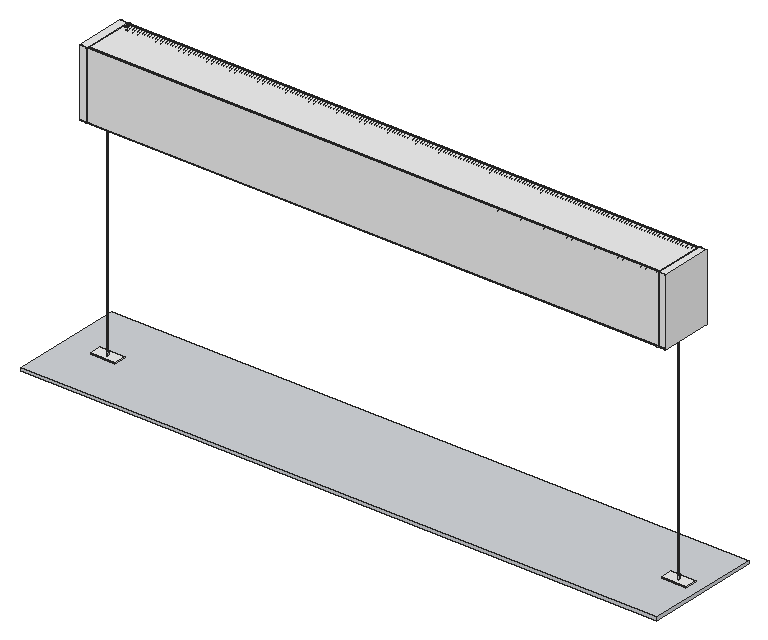
Revit family
Parameters (values of type "BBILED-950-80-35-C-4")
  With Multiple Lamps = Fixture Length > 108"  # no
  With Additional Lamp = and(Fixture Length < 120", Fixture Length > 48")  # no
  Wattage = 36.5385 W
  built-in parameter 1150110 = 1 (stored number, unit not read)
  Voltage = 120 V
  URL = "http://www.axislighting.com/CMS/itemsDetail_beam4LED.php?205"
  built-in parameter 1114217 = 1 (stored number, unit not read)
  Total Lamp Wattage = Lamp Wattage * Number of Lamps  # 28.4 VA
  Tilt Angle = 90.00°
  built-in parameter 1150109 = 1 (stored number, unit not read)
  built-in parameter 1150134 = (empty or 0)
  Suspension Length [instance] = 18"
  Suspension Finish = Steel - Axis - White
  built-in parameter 1150113 = 1 (stored number, unit not read)
  Reflector Finish = Steel - Axis - White Powder Coated
  Product Order Length = 48"
  Product ID = "BBILED"
  Photometric Web File = "BBILED-B3-MF-950-80-35-C.ies"
  Other = ""
  Optics Length = Fixture Length - 1 1/4"  # 46 3/4"
  Number of Lamps = Product Order Length / 12"  # 4
  Mounting Configuration = if(Product Order Length < 156", 2, if(Product Order Length < 300", 3, if(Product Order Length < 444", 4, if(Product Order Length < 564", 5, if(Product Order Length < 708", 6, if(Product Order Length < 852", 7, if(Product Order Length < 972", 8, if(Product Order Length = 1296", 11, if(Product Order Length = 1680", 13, if(Product Order Length = 1776", 14, if(Product Order Length = 1848", 15, if(Product Order Length = 1872", 15, if(Product Order Length = 1896", 15, 2)))))))))))))  # 2
  Model = "BEAM4 LED Pendant Mount - Indirect"
  Manufacturer = "Axis Lighting"
  built-in parameter 1150105 = 302.39 (stored number, unit not read)
  Lumens = 3800 lm
  built-in parameter 1150115 = 1 (stored number, unit not read)
  built-in parameter 1150137 = (empty or 0)
  built-in parameter 1150139 = (empty or 0)
  Lens Length = if(Fixture Length > 108", (Fixture Length - (2 * End Cap Length)) / Lamp Configuration, Fixture Length - (2 * End Cap Length))  # 46 3/4"
  Lens Finish = Acrylic - Axis - Clear
  Lamp Wattage = 7.1 VA
  built-in parameter 1150112 = 1 (stored number, unit not read)
  Lamp Multiplier = if(Fixture Length > 108", (Fixture Length / 48") - 1, 2)  # 2
  built-in parameter 1150114 = 1 (stored number, unit not read)
  Lamp Distance = Lens Length  # 46 3/4"
  Lamp Configuration = if(Product Order Length > 96", Product Order Length / 48", 2)  # 2
  Lamp = "LED"
  Keynote = "16510"
  built-in parameter 1150132 = 2
  built-in parameter 1150102 = (empty or 0)
  built-in parameter 1150107 = 3500 (stored number, unit not read)
  built-in parameter 1150138 = (empty or 0)
  built-in parameter 1150106 = 3.0239 (stored number, unit not read)
  IC Controls = ""
  Housing Finish = Aluminum - Axis - White
  Fixture Width = 4 5/32"  # constant formula
  Fixture Length = Product Order Length  # 48"
  Fixture Depth = 5 1/2"  # constant formula
  End Cap Length = 5/8"  # constant formula
  Emit from Line Length = Lamp Distance  # 46 3/4"
  built-in parameter 1150104 = 9.6619 (stored number, unit not read)
  Dimming Lamp Color Temperature Shift = (empty or 0)
  Description = "LED Pendant Mount Indrect Lighting Fixture with Clear Lens"
  Default Elevation = 48"
  Custom = ""
  Color Filter = 16777215
  Circuit = 1
  built-in parameter 1114218 = 1 (stored number, unit not read)
  built-in parameter 1150133 = 10 (stored number, unit not read)
  Assembly Code = "D5020200"
  Apparent Load = Total Lamp Wattage  # 28.4 VA
Types (5): name | With Additional Lamp | Wattage | Total Lamp Wattage | Product Order Length | Optics Length | Number of Lamps | built-in parameter 1150105 | Lumens | Lens Length | Lamp Distance | built-in parameter 1150106 | Fixture Length | Emit from Line Length | Apparent Load
  (no name) | no | 36.5385 W | 28.4 VA | 48" | 46 3/4" | 4 | 302.39 (stored number, unit not read) | 3800 lm | 46 3/4" | 46 3/4" | 3.0239 (stored number, unit not read) | 48" | 46 3/4" | 28.4 VA
  BBILED-950-80-35-C-4 | no | 36.5385 W | 28.4 VA | 48" | 46 3/4" | 4 | 302.39 (stored number, unit not read) | 3800 lm | 46 3/4" | 46 3/4" | 3.0239 (stored number, unit not read) | 48" | 46 3/4" | 28.4 VA
  BBILED-950-80-35-C-2 | no | 18.2692 W | 14.2 VA | 24" | 22 3/4" | 2 | 151.2 (stored number, unit not read) | 1900 lm | 22 3/4" | 22 3/4" | 1.512 (stored number, unit not read) | 24" | 22 3/4" | 14.2 VA
  BBILED-950-80-35-C-3 | no | 27.4038 W | 21.3 VA | 36" | 34 3/4" | 3 | 226.8 (stored number, unit not read) | 2850 lm | 34 3/4" | 34 3/4" | 2.268 (stored number, unit not read) | 36" | 34 3/4" | 21.3 VA
  BBILED-950-80-35-C-5 | yes | 45.6731 W | 35.5 VA | 60" | 58 3/4" | 5 | 377.99 (stored number, unit not read) | 4750 lm | 58 3/4" | 58 3/4" | 3.7799 (stored number, unit not read) | 60" | 58 3/4" | 35.5 VA
Reference planes (in)
  plane 1 "Center (Front/Back)": y = 0
  plane 2: z = 0
  plane 3 "Center (Left/Right)": x = 0
  plane 4: x = -24
  plane 5: x = 24
  plane 6: x = -23.375
  plane 7: x = 23.375
  plane 8: z = 18
  plane 9: y = -2.07813
  plane 10: y = 2.07812
  plane 11: z = 23.5
  plane 12: z = 20.84375
  plane 13: z = 18.7
  plane 14: x = -23.375
  plane 15: x = 23.375
  plane 16: x = 0
  plane 17: x = 70.125
  plane 18: x = 46.75
  plane 19: x = -23.375
  plane 20: x = 23.375
  plane 21: x = 0
Forms (in)
  Extrusion 1, solid
    sketch origin (0, 0, 0) x (1, 0, 0) y (0, 1, 0)
      loop
        line (-26.75, 4.70508) -> (-26.75, -4.70508) -> (25.31417, -4.70508) -> (25.31417, 4.70508) -> (-26.75, 4.70508)
    from 0 to -0.25
  Extrusion 2, solid, material "Aluminum - Axis - White" <- "Housing Finish"
    sketch origin (0, 0, 0) x (0, 1, 0) y (0, 0, 1)
      loop
        line (2.04687, 23.5) -> (-2.04688, 23.5)
        arc (-2.04688, 23.5) -> (-2.06897, 23.49085) -> (-2.07813, 23.46875) r 0.03125
        line (-2.07813, 23.46875) -> (-2.07813, 18.03125)
        arc (-2.07813, 18.03125) -> (-2.06897, 18.00915) -> (-2.04688, 18) r 0.03125
        line (-2.04688, 18) -> (2.04687, 18)
        arc (2.04687, 18) -> (2.06897, 18.00915) -> (2.07812, 18.03125) r 0.03125
        line (2.07812, 18.03125) -> (2.07812, 23.46875)
        arc (2.07812, 23.46875) -> (2.06897, 23.49085) -> (2.04687, 23.5) r 0.03125
    from -24 to -23.375
  Extrusion 3, solid, material "Aluminum - Axis - White" <- "Housing Finish"
    sketch origin (0, 0, 0) x (0, 1, 0) y (0, 0, 1)
      loop
        line (2.04687, 23.5) -> (-2.04688, 23.5)
        arc (-2.04688, 23.5) -> (-2.06897, 23.49085) -> (-2.07813, 23.46875) r 0.03125
        line (-2.07813, 23.46875) -> (-2.07813, 18.03125)
        arc (-2.07813, 18.03125) -> (-2.06897, 18.00915) -> (-2.04688, 18) r 0.03125
        line (-2.04688, 18) -> (2.04687, 18)
        arc (2.04687, 18) -> (2.06897, 18.00915) -> (2.07812, 18.03125) r 0.03125
        line (2.07812, 18.03125) -> (2.07812, 23.46875)
        arc (2.07812, 23.46875) -> (2.06897, 23.49085) -> (2.04687, 23.5) r 0.03125
    from 23.375 to 24
  Extrusion 4, solid, material "Acrylic - Axis - Clear" <- "Lens Finish"
    sketch origin (0, 0, 0) x (0, 1, 0) y (0, 0, 1)
      loop
        line (1.96562, 18.05) -> (-1.96563, 18.05) -> (-1.96563, 18) -> (1.96562, 18) -> (1.96562, 18.05)
    from -23.375 to 23.375
  Sweep 5, solid, material "Steel - Axis - White Powder Coated" <- "Reflector Finish"
    path origin (0, 0, 0) x (1, 0, 0) y (0, 1, 0)
      loop
        line (23.375, 0) -> (-23.375, 0)
    profile "BBILED-Profile-Reflector : BBILED-Profile-Reflector" origin (0, 0, 0) x (0, -1, 0) y (0, 0, 1)
      loop
        line (0.96476, 18.81524) -> (1.77203, 18.32275) -> (1.78831, 18.34943) -> (0.97354, 18.84649) -> (-0.97354, 18.84649) -> (-1.78831, 18.34943) -> (-1.77203, 18.32275) -> (-0.96476, 18.81524) -> (0.96476, 18.81524)
  Sweep 6, solid, material "Aluminum - Axis - White" <- "Housing Finish"
    path origin (0, 0, 0) x (1, 0, 0) y (0, 1, 0)
      loop
        line (23.375, 0) -> (-23.375, 0)
    profile "BBILED-Profile-Lens : BBILED-Profile-Lens" origin (0, 0, 0) x (0, -1, 0) y (0, 0, 1)
      loop
        line (-1.79405, 23.43) -> (1.79405, 23.43)
        arc (1.79405, 23.43) -> (1.81337, 23.41518) -> (1.80405, 23.39268) r 0.02
        line (1.80405, 23.39268) -> (1.74405, 23.35804)
        arc (1.74405, 23.35804) -> (1.73673, 23.33072) -> (1.76405, 23.3234) r 0.02
        line (1.76405, 23.3234) -> (1.83782, 23.36599) -> (1.86011, 23.30536)
        arc (1.86011, 23.30536) -> (1.85982, 23.21545) -> (1.80089, 23.14755) r 0.12908
        arc (1.80089, 23.14755) -> (1.79294, 23.1204) -> (1.82008, 23.11245) r 0.02
        arc (1.82008, 23.11245) -> (1.89727, 23.2014) -> (1.89766, 23.31916) r 0.16908
        line (1.89766, 23.31916) -> (1.86558, 23.40637)
        arc (1.86558, 23.40637) -> (1.86854, 23.42931) -> (1.88905, 23.44) r 0.025
        line (1.88905, 23.44) -> (1.93835, 23.44) -> (1.96019, 23.5) -> (-1.96019, 23.5) -> (-1.93835, 23.44) -> (-1.88905, 23.44)
        arc (-1.88905, 23.44) -> (-1.86854, 23.42931) -> (-1.86558, 23.40637) r 0.025
        line (-1.86558, 23.40637) -> (-1.89766, 23.31916)
        arc (-1.89766, 23.31916) -> (-1.89727, 23.2014) -> (-1.82008, 23.11245) r 0.16908
        arc (-1.82008, 23.11245) -> (-1.79294, 23.1204) -> (-1.80089, 23.14755) r 0.02
        arc (-1.80089, 23.14755) -> (-1.85982, 23.21545) -> (-1.86011, 23.30536) r 0.12908
        line (-1.86011, 23.30536) -> (-1.83782, 23.36599) -> (-1.76405, 23.3234)
        arc (-1.76405, 23.3234) -> (-1.73673, 23.33072) -> (-1.74405, 23.35804) r 0.02
        line (-1.74405, 23.35804) -> (-1.80405, 23.39268)
        arc (-1.80405, 23.39268) -> (-1.81337, 23.41518) -> (-1.79405, 23.43) r 0.02
  Sweep 7, solid, material "Aluminum - Axis - White" <- "Housing Finish"
    path origin (0, 0, 0) x (1, 0, 0) y (0, 1, 0)
      loop
        line (23.375, 0) -> (-23.375, 0)
    profile "BBILED-Profile-Housing : BBILED-Profile-Housing" origin (0, 0, 0) x (0, -1, 0) y (0, 0, 1)
      loop
        line (-2.07812, 23.46875) -> (-2.07812, 18.03125)
        arc (-2.07812, 18.03125) -> (-2.06897, 18.00915) -> (-2.04687, 18) r 0.03125
        line (-2.04687, 18) -> (-1.98812, 18) -> (-1.98812, 18.0857) -> (-1.94473, 18.0857) -> (-1.92694, 18.04378) -> (-1.89012, 18.0594) -> (-1.92781, 18.1482) -> (-2.00312, 18.1482) -> (-2.00312, 23.365)
        arc (-2.00312, 23.365) -> (-1.99727, 23.37914) -> (-1.98312, 23.385) r 0.02
        line (-1.98312, 23.385) -> (-1.88312, 23.385)
        arc (-1.88312, 23.385) -> (-1.87013, 23.3925) -> (-1.87013, 23.4075) r 0.015
        line (-1.87013, 23.4075) -> (-1.89179, 23.445) -> (-1.98812, 23.445) -> (-1.98812, 23.48)
        arc (-1.98812, 23.48) -> (-1.99398, 23.49414) -> (-2.00812, 23.5) r 0.02
        line (-2.00812, 23.5) -> (-2.04687, 23.5)
        arc (-2.04687, 23.5) -> (-2.06897, 23.49085) -> (-2.07812, 23.46875) r 0.03125
      loop
        arc (2.07813, 23.46875) -> (2.06897, 23.49085) -> (2.04688, 23.5) r 0.03125
        line (2.04688, 23.5) -> (2.00813, 23.5)
        arc (2.00813, 23.5) -> (1.99398, 23.49414) -> (1.98813, 23.48) r 0.02
        line (1.98813, 23.48) -> (1.98813, 23.445) -> (1.89179, 23.445) -> (1.87013, 23.4075)
        arc (1.87013, 23.4075) -> (1.87013, 23.3925) -> (1.88313, 23.385) r 0.015
        line (1.88313, 23.385) -> (1.98313, 23.385)
        arc (1.98313, 23.385) -> (1.99727, 23.37914) -> (2.00313, 23.365) r 0.02
        line (2.00313, 23.365) -> (2.00313, 18.1482) -> (1.92781, 18.1482) -> (1.89012, 18.0594) -> (1.92694, 18.04378) -> (1.94473, 18.0857) -> (1.98813, 18.0857) -> (1.98813, 18) -> (2.04688, 18)
        arc (2.04688, 18) -> (2.06897, 18.00915) -> (2.07813, 18.03125) r 0.03125
        line (2.07813, 18.03125) -> (2.07813, 23.46875)
Dimensions and locks (in)
  "Fixture Length": plane 4 to plane 5
  equal spacing: plane 4, plane 3 "Center (Left/Right)", plane 5
  locked: plane 4 to plane 6 at 0.625
  locked: plane 7 to plane 5 at 0.625
  "Suspension Length": plane 8 to plane 2
  "Fixture Width": plane 9 to plane 10
  equal spacing: plane 9, plane 1 "Center (Front/Back)", plane 10
  "Fixture Depth": plane 11 to plane 8
  locked: Extrusion 4 sketch curve to plane 9 at 0.1125
  locked: plane 10 to Extrusion 4 sketch curve at 0.1125
  locked: Extrusion 4 sketch curve to plane 8 at 0.05
  locked: plane 12 to plane 8 at 2.84375
  locked: plane 13 to plane 8 at 0.7
  group 1 to group 2 = 46 3/4"
  group 1 to group 2 = 0"  (x2)
  "Lamp Distance": plane 14 to plane 15
  equal spacing: plane 14, plane 16, plane 15
  "Lamp Distance": plane 15 to plane 17
  equal spacing: plane 15, plane 18, plane 17
  "Lamp Distance": plane 19 to plane 20
  equal spacing: plane 19, plane 21, plane 20
  group 3 to group 4 = 46 3/4"
  group 3 to group 4 = 0"  (x2)
  aligned and locked: plane 2 to Extrusion 1
  aligned and locked: level to Extrusion 1
  aligned and locked: plane 1 "Center (Front/Back)" to nested 1
  aligned and locked: plane 3 "Center (Left/Right)" to nested 1
  aligned and locked: plane 11 to Extrusion 2 sketch curve
  aligned and locked: plane 9 to Extrusion 2 sketch curve
  aligned and locked: plane 8 to Extrusion 2 sketch curve
  aligned and locked: plane 10 to Extrusion 2 sketch curve
  aligned and locked: Extrusion 2 to plane 4
  aligned and locked: plane 6 to Extrusion 2
  aligned and locked: plane 11 to Extrusion 3 sketch curve
  aligned and locked: plane 9 to Extrusion 3 sketch curve
  aligned and locked: plane 8 to Extrusion 3 sketch curve
  aligned and locked: plane 10 to Extrusion 3 sketch curve
  aligned and locked: plane 5 to Extrusion 3
  aligned and locked: Extrusion 3 to plane 7
  aligned and locked: plane 8 to Extrusion 4 sketch curve
  aligned and locked: Extrusion 4 to plane 6
  aligned and locked: plane 7 to Extrusion 4
  aligned and locked: plane 1 "Center (Front/Back)" to imposter light
  aligned and locked: imposter light to plane 13
  aligned and locked: Sweep 5 sketch curve to plane 1 "Center (Front/Back)"
  aligned and locked: plane 6 to Sweep 5 sketch curve
  aligned and locked: plane 7 to Sweep 5 sketch curve
  aligned and locked: Sweep 6 sketch curve to plane 1 "Center (Front/Back)"
  aligned and locked: plane 6 to Sweep 6 sketch curve
  aligned and locked: plane 7 to Sweep 6 sketch curve
  aligned and locked: Sweep 7 sketch curve to plane 1 "Center (Front/Back)"
  aligned and locked: plane 7 to Sweep 7 sketch curve
  aligned and locked: plane 6 to Sweep 7 sketch curve
  aligned and locked: nested 2 to plane 2
  aligned and locked: plane 1 "Center (Front/Back)" to nested 2
  aligned and locked: plane 6 to nested 2
  aligned and locked: plane 7 to nested 3
  aligned and locked: plane 1 "Center (Front/Back)" to nested 3
  aligned and locked: nested 3 to plane 2
  aligned and locked: plane 14 to plane 6
  aligned and locked: imposter light to plane 16
  aligned and locked: plane 20 to plane 7
  aligned and locked: plane 21 to nested 4
  aligned and locked: plane 1 "Center (Front/Back)" to nested 4
  aligned and locked: plane 18 to nested 5
  aligned and locked: plane 1 "Center (Front/Back)" to nested 5
  aligned and locked: plane 21 to nested 6
  aligned and locked: plane 1 "Center (Front/Back)" to nested 6
Automatic sketch dimensions
  Extrusion 1 sketch curve to Extrusion 1 sketch curve = 52.06417"
  Extrusion 1 sketch curve to Extrusion 1 sketch curve = 9 105/256"
  Extrusion 2 sketch curve to plane 9 = 1/32"  (x2)
  Extrusion 2 sketch curve to Extrusion 2 sketch curve = 1/32"  (x2)
  Extrusion 3 sketch curve to plane 9 = 1/32"
  Extrusion 3 sketch curve to Extrusion 3 sketch curve = 1/32"  (x2)
  plane 10 to Extrusion 3 sketch curve = 1/32"
Nested families (in)
  nested 1: "Lighting-Pendant-Axis-Symbol" at (0, 0, 0), type "Lighting-Pendant-Axis-Symbol"
  nested 2: "BBILED-Component-Suspension" at (-23.375, 0, 0), type "Cable"
  nested 3: "BBILED-Component-Suspension" at (23.375, 0, 0), type "Cable"
  nested 4: "BBILED-Light" at (0, 0, 0), visible <- "With Multiple Lamps", type "Multiple"
  nested 5: "BBILED-Light" at (46.75, 0, 0), visible <- "With Multiple Lamps", type "Multiple"
  nested 6: "BBILED-Light" at (0, 0, 0), visible <- "With Additional Lamp", type "Additional"
Connectors (in)
  electrical at (-23.375, 0, 0), driven by "Voltage", driven by "Apparent Load"
    settings: on nested 2, index 1, voltage 120 V, apparent load 0 VA, apparent load phase1 28.4 VA, apparent load phase2 0 VA, apparent load phase3 0 VA, power factor 1, load classification "Lighting", number of poles 1, system type 31, power factor state 1, is connector primary yes, connector utility no, sub classification motor no, connector description "Lighting Fixture Power"
Definition of nested family "BBILED-Component-Suspension"
  Parameters (values of type "Cable")
    Suspension Length = 18"
    Finish = Steel - Axis - White
    Assembly Code = ""
  Reference planes (in)
    plane 1 "Center (Front/Back)": y = 0
    plane 2: z = 0
    plane 3 "Center (Left/Right)": x = 0
    plane 4: z = 18
    plane 5: y = 0.5
    plane 6: y = -0.5
    plane 7: x = -1
    plane 8: x = 1
    plane 9: z = 0.0625
    plane 10: z = 0.375
    plane 11: z = 17.875
    plane 12: z = 17.6875
  Forms (in)
    Extrusion 1, solid, material "Steel - Axis - White" <- "Finish"
      sketch origin (0, 0, 0) x (1, 0, 0) y (0, 1, 0)
        loop
          circle (0, 0) r 0.25
      from 17.875 to 18
    Extrusion 2, solid, material "Steel - Axis - White" <- "Finish"
      sketch origin (0, 0, 0) x (1, 0, 0) y (0, 1, 0)
        loop
          circle (0, 0) r 0.0625
      from 17.6875 to 17.875
    Extrusion 3, solid, material "Steel - Axis - White" <- "Finish"
      sketch origin (0, 0, 0) x (1, 0, 0) y (0, 1, 0)
        loop
          circle (0, 0) r 0.03125
      from 17.6875 to 0.375
    Extrusion 4, solid, material "Steel - Axis - White" <- "Finish"
      sketch origin (0, 0, 0) x (1, 0, 0) y (0, 1, 0)
        loop
          circle (0, 0) r 0.0625
      from 0.0625 to 0.375
    Extrusion 5, solid, material "Steel - Axis - White" <- "Finish"
      sketch origin (0, 0, 0) x (1, 0, 0) y (0, 1, 0)
        loop
          line (-1, -0.5) -> (1, -0.5) -> (1, 0.5) -> (-1, 0.5) -> (-1, -0.5)
      from 0 to 0.0625
  Dimensions and locks (in)
    equal spacing: plane 7, plane 3 "Center (Left/Right)", plane 8
    plane 7 to plane 8 = 2"
    equal spacing: plane 6, plane 1 "Center (Front/Back)", plane 5
    plane 6 to plane 5 = 1"
    Extrusion 4 to Extrusion 5 to Extrusion 5 = 0", 1/16"
    Extrusion 1 to Extrusion 2 to level = 1/8", 17 7/8"
    "Suspension Length": plane 4 to level
    plane 10 to plane 9 to plane 2 = 5/16" locked, 1/16" locked
    plane 4 to plane 11 to plane 12 = 1/8" locked, 3/16" locked
    radius of Extrusion 4 sketch curve = 1/16"
    radius of Extrusion 3 sketch curve = 1/32"
    radius of Extrusion 2 sketch curve = 1/16"
    radius of Extrusion 1 sketch curve = 1/4"
    aligned and locked: plane 2 to level
    aligned and locked: plane 6 to Extrusion 5 sketch curve
    aligned and locked: Extrusion 5 sketch curve to plane 7
    aligned and locked: Extrusion 5 sketch curve to plane 5
    aligned and locked: plane 8 to Extrusion 5 sketch curve
    aligned: plane 4 to Extrusion 5
    aligned: Extrusion 1 to level
    aligned: Extrusion 3 to Extrusion 4
    aligned: Extrusion 3 to Extrusion 2
    aligned: Extrusion 4 to Extrusion 5
    aligned and locked: Extrusion 5 to plane 2
    aligned and locked: plane 9 to Extrusion 5
    aligned and locked: Extrusion 4 to plane 9
    aligned and locked: plane 10 to Extrusion 4
    aligned and locked: plane 4 to Extrusion 1
    aligned and locked: Extrusion 1 to plane 11
    aligned and locked: plane 11 to Extrusion 2
    aligned and locked: Extrusion 2 to plane 12
    aligned and locked: plane 12 to Extrusion 3
    aligned and locked: Extrusion 3 to plane 10
  Automatic sketch dimensions
    plane 1 "Center (Front/Back)" to Extrusion 1 sketch curve = 0"
    Extrusion 1 sketch curve to plane 3 "Center (Left/Right)" = 0"
    plane 1 "Center (Front/Back)" to Extrusion 2 sketch curve = 0"
    Extrusion 2 sketch curve to plane 3 "Center (Left/Right)" = 0"
    plane 1 "Center (Front/Back)" to Extrusion 3 sketch curve = 0"
    Extrusion 3 sketch curve to plane 3 "Center (Left/Right)" = 0"
    plane 1 "Center (Front/Back)" to Extrusion 4 sketch curve = 0"
    Extrusion 4 sketch curve to plane 3 "Center (Left/Right)" = 0"
Definition of nested family "Lighting-Pendant-Axis-Symbol"
  Parameters (values of type "Lighting-Pendant-Axis-Symbol")
    Width = 4 3/16"
    Length = 47 9/16"
    Assembly Code = ""
  Reference planes (in)
    plane 1 "Center (Front/Back)": y = 0
    plane 2: z = 0
    plane 3 "Center (Left/Right)": x = 0
  Lines and regions (in)
    Masking region 1, in view "Ref. Level"
      outline origin (0, 0, 0) x (1, 0, 0) y (0, 1, 0)
        loop
          line (-23.78125, -2.09375) -> (23.78125, -2.09375) -> (23.78125, 2.09375) -> (-23.78125, 2.09375) -> (-23.78125, -2.09375)
    detail lines, style "Pendant Lights", in view "Ref. Level", detail levels coarse+medium
      curve 1: line (-23.78125, 2.09375, 0) -> (23.78125, 2.09375, 0)
      curve 2: line (-23.78125, -2.09375, 0) -> (-23.78125, 2.09375, 0)
      curve 3: line (23.78125, -2.09375, 0) -> (-23.78125, -2.09375, 0)
      curve 4: line (23.78125, 2.09375, 0) -> (23.78125, -2.09375, 0)
    detail lines, style "Pendant Lights", in view "Ref. Level"
      curve 5: circle (-23.15625, 0, 0) r 0.25 normal (0, 0, 1)
      curve 6: circle (23.15625, 0, 0) r 0.25 normal (0, 0, 1)
  Dimensions and locks (in)
    "Length": curve 2 to curve 4
    "Width": curve 1 to curve 3
    equal spacing: curve 2, plane 3 "Center (Left/Right)", curve 4
    equal spacing: curve 1, plane 1 "Center (Front/Back)", curve 3
    locked: curve 2 to curve 5 at 0.625
    locked: curve 6 to curve 4 at 0.625
    equal spacing: curve 1, curve 5, curve 3
    equal spacing: curve 1, curve 6, curve 3
    aligned and locked: Masking region 1 sketch curve to curve 3
    aligned and locked: Masking region 1 sketch curve to curve 2
    aligned and locked: Masking region 1 sketch curve to curve 1
    aligned and locked: Masking region 1 sketch curve to curve 4
  Automatic sketch dimensions
    radius of curve 5 = 1/4"
    radius of curve 6 = 1/4"
Definition of nested family "BBILED-Light"
  Parameters (values of type "Additional")
    Wattage = 15.3846 W
    built-in parameter 1150110 = 1 (stored number, unit not read)
    built-in parameter 1114217 = 1 (stored number, unit not read)
    Tilt Angle = 90.00°
    built-in parameter 1150109 = 1 (stored number, unit not read)
    built-in parameter 1150134 = (empty or 0)
    Suspension Length = 18"
    built-in parameter 1150113 = 1 (stored number, unit not read)
    Photometric Web File = "BBILED-B3-MF-950-80-35-C.ies"
    built-in parameter 1150105 = 127.32 (stored number, unit not read)
    Lumens = 1600 lm
    built-in parameter 1150115 = 1 (stored number, unit not read)
    built-in parameter 1150137 = (empty or 0)
    built-in parameter 1150139 = (empty or 0)
    built-in parameter 1150112 = 1 (stored number, unit not read)
    built-in parameter 1150114 = 1 (stored number, unit not read)
    built-in parameter 1150132 = 2
    built-in parameter 1150102 = (empty or 0)
    built-in parameter 1150107 = 3500 (stored number, unit not read)
    built-in parameter 1150138 = (empty or 0)
    built-in parameter 1150106 = 1.2732 (stored number, unit not read)
    Emit from Line Length = 46 3/4"
    built-in parameter 1150104 = 9.6619 (stored number, unit not read)
    Dimming Lamp Color Temperature Shift = (empty or 0)
    Default Elevation = 48"
    Color Filter = 16777215
    built-in parameter 1114218 = 1 (stored number, unit not read)
    built-in parameter 1150133 = 10 (stored number, unit not read)
    Assembly Code = ""
  Types (2): name
    Additional
    Multiple
  Reference planes (in)
    plane 1 "Center (Front/Back)": y = 0
    plane 2: z = 0
    plane 3 "Center (Left/Right)": x = 0
    plane 4: z = 18
    plane 5: z = 18.7
  Forms (in)
    Extrusion 1, solid
      sketch origin (0, 0, 0) x (1, 0, 0) y (0, 1, 0)
        loop
          line (-48, 48) -> (-48, -48) -> (48, -48) -> (48, 48) -> (-48, 48)
      from 0 to -12
  Dimensions and locks (in)
    "Suspension Length": plane 4 to level
    locked: plane 5 to plane 4 at 0.7
    aligned and locked: plane 2 to Extrusion 1
    aligned and locked: level to Extrusion 1
    aligned and locked: plane 3 "Center (Left/Right)" to imposter light
    aligned and locked: plane 1 "Center (Front/Back)" to imposter light
    aligned and locked: imposter light to plane 5
  Automatic sketch dimensions
    Extrusion 1 sketch curve to Extrusion 1 sketch curve = 96"  (x2)
